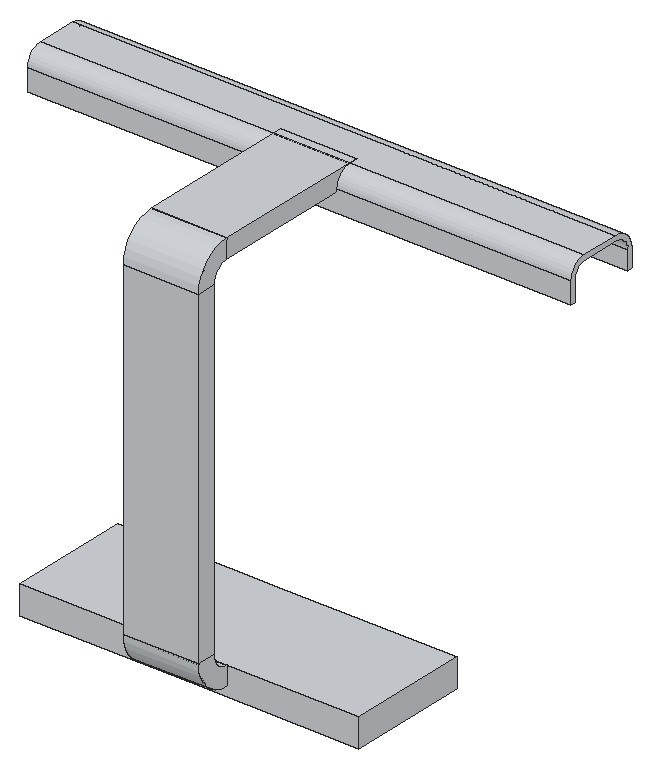
Revit family "Lampada tau", category Arredi, Revit 2012
Parameters
  c_materiale le perroquet = none
Reference planes (cm)
  plane 1 "Centro (Fronte/Retro)": y = 0
  plane 2: z = 0
  plane 3 "Centro (Sinistra/Destra)": x = 0
Forms (cm)
  Extrusion 1, solid, material <- "c_materiale le perroquet"
    sketch origin (0, 0, 0) x (1, 0, 0) y (0, 1, 0)
      loop
        line (0, -7.5) -> (18, -7.5) -> (18, 5.5) -> (0, 5.5) -> (-18, 5.5) -> (-18, -7.5) -> (0, -7.5)
    from 0 to 3
  Sweep 2, solid
    path origin (18, -7.5, 0.5371) x (0, 1, 0) y (0, 0, 1)
      loop
        arc (0, 3) -> (-0.8819, 3.3641) -> (-1.25, 4.2444) r 1.25
    profile origin (18, -8.3819, 3.9013) x (0, -0.705518, -0.708692) y (1, 0, 0)
      loop
        line (0.5371, -14) -> (0.5371, -22) -> (2.5371, -22) -> (2.5371, -14) -> (0.5371, -14)
  Extrusion 3, solid
    sketch origin (0, 0, 0) x (1, 0, 0) y (0, 1, 0)
      loop
        line (-4, -11.2871) -> (4, -11.2871) -> (4, -9.2871) -> (-4, -9.2871) -> (-4, -11.2871)
    from 4.7404 to 40
  Sweep 4, solid
    path origin (18, -7.5, 44.2033) x (0, 1, 0) y (0, 0, 1)
      loop
        arc (0, -3) -> (-0.8819, -3.3641) -> (-1.25, -4.2444) r 1.25
    profile origin (18, -8.3819, 40.8392) x (0, 0.705518, -0.708692) y (1, 0, 0)
      loop
        line (-0.5371, -14) -> (-2.5371, -14) -> (-2.5371, -22) -> (-0.5371, -22) -> (-0.5371, -14)
  Extrusion 5, solid
    sketch origin (0, 0, 0) x (1, 0, 0) y (0, 1, 0)
      loop
        line (-4, -7.5) -> (4, -7.5) -> (4, 9.6905) -> (-4, 9.6905) -> (-4, -7.5)
    from 41.7404 to 43.7404
  Extrusion 6, solid
    sketch origin (4, -7.5, 39.9533) x (0, 0, 1) y (0, -1, 0)
      loop
        line (2.0637, -14.5) -> (-0.2129, -14.5) -> (-0.2129, -15) -> (2.0637, -15)
        arc (2.0637, -15) -> (2.9288, -15.3583) -> (3.2871, -16.2234) r 1.2234
        line (3.2871, -16.2234) -> (3.2871, -20.5)
        arc (3.2871, -20.5) -> (2.8478, -21.5607) -> (1.7871, -22) r 1.5
        line (1.7871, -22) -> (-0.2129, -22) -> (-0.2129, -22.5) -> (1.7871, -22.5)
        arc (1.7871, -22.5) -> (3.2013, -21.9142) -> (3.7871, -20.5) r 2
        line (3.7871, -20.5) -> (3.7871, -16.2234)
        arc (3.7871, -16.2234) -> (3.2823, -15.0048) -> (2.0637, -14.5) r 1.7234
    from -32.8387 to 25
  Extrusion 7, void
    sketch origin (4, -7.5, 39.9533) x (0, 0, -1) y (0, -1, 0)
      loop
        arc (-2.0637, -15) -> (-2.9288, -15.3583) -> (-3.2871, -16.2234) r 1.2234
        line (-3.2871, -16.2234) -> (-3.2871, -17.1905) -> (-1.7871, -17.1905) -> (-1.7871, -15) -> (-2.0637, -15)
    from 0 to 8
Cuts and joins
  Extrusion 7 cuts Extrusion 5
Dimensions and locks (cm)
  aligned and locked: level to plane 2
Nested families (cm)
  nested 1: "Famiglia2" at (0, 9.1905, -97.7607) x (0, -1, 0) z (0, 0, 1), type "Famiglia2"
Definition of nested family "Famiglia2"
  Parameters (values of type "Famiglia2")
    Wattage = 16.1571 W
    built-in parameter 1150110 = 1 (stored number, unit not read)
    Photometric Web File = "0978010A.ies"
    built-in parameter 1114217 = 1 (stored number, unit not read)
    built-in parameter 1150109 = 1 (stored number, unit not read)
    built-in parameter 1150134 = (empty or 0)
    built-in parameter 1150113 = 1 (stored number, unit not read)
    Lumens = 2400 lm
    built-in parameter 1150115 = 1 (stored number, unit not read)
    built-in parameter 1150105 = 1152 (stored number, unit not read)
    built-in parameter 1150137 = (empty or 0)
    built-in parameter 1150139 = (empty or 0)
    built-in parameter 1150112 = 1 (stored number, unit not read)
    built-in parameter 1150114 = 1 (stored number, unit not read)
    built-in parameter 1150132 = 2
    built-in parameter 1150102 = (empty or 0)
    built-in parameter 1150138 = (empty or 0)
    built-in parameter 1150107 = 3000 (stored number, unit not read)
    built-in parameter 1150106 = 11.52 (stored number, unit not read)
    built-in parameter 1150104 = 13.8 (stored number, unit not read)
    Dimming Lamp Color Temperature Shift = (empty or 0)
    Color Filter = 16777215
    built-in parameter 1114218 = 1 (stored number, unit not read)
    Tilt Angle = 60.00°
    built-in parameter 1150133 = 10 (stored number, unit not read)
  Reference planes (cm)
    plane 1 "Asse sorgente illuminazione (F/B)": y = 0
    plane 2: z = 0
    plane 3 "Asse sorgente illuminazione (L/R)": x = 0
    plane 4 "Prospetto sorgente di illuminazione": z = 140
  Dimensions and locks (cm)
    aligned and locked: plane 3 "Asse sorgente illuminazione (L/R)" to imposter light
    aligned and locked: plane 1 "Asse sorgente illuminazione (F/B)" to imposter light
    aligned and locked: plane 4 "Prospetto sorgente di illuminazione" to imposter light
    aligned and locked: plane 2 to level
